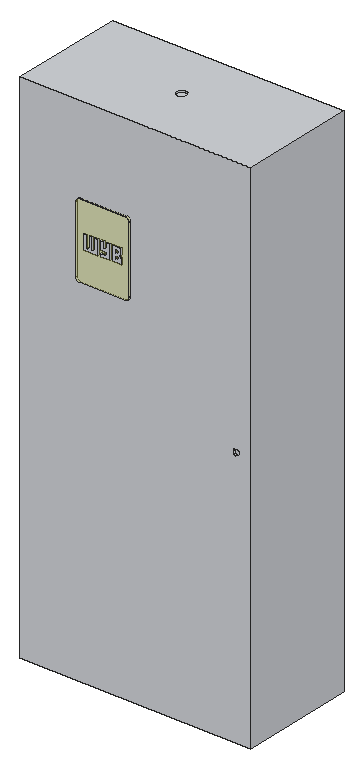
Revit family "ШУВ-DF_FC101", category Оборудование, Revit 2020
Family settings
  Размер круглого соединителя = Использовать диаметр
  Классификация = Нет
  Тип детали = Нормальный
  На основе рабочей плоскости = Нет
  Всегда вертикально = Да
  При загрузке вырезать с полостями = Нет
  Общий = Нет
  Точка расчета площади = Нет
Parameters (values of type "ШУВ_SE_АВВ_55кВт")
  расст замок верт = 900 mm
  Ширина [instance] = 800 mm
  Расст вывода3 от левой стенки = 700 mm
  Расст замок = 750 mm
  Расст вывода2 от левой стенки = 600 mm
  Расст вывода от левой стенки = 500 mm
  Расст вывода от задней стенки = 200 mm
  Расст ПУШ от верхней стенки = 300 mm
  Расст ввод от задней стенки = 200 mm
  Расст ввод от левой стенки = 400 mm
  Расст ПУШ от левой стенки = 200 mm
  Отметка по умолчанию = 0 mm
  Описание = "ШУВ-М предназначен для управления одно/трехфазным электродвигателем приточного или вытяжного вентилятора системы противопожарной вентиляции от 0,37 до 37 кВт, как в режиме «Местный пуск» с лицевой панели ШУВ-М, так и по сигналам любого модуля/прибора управления в режиме «Автоматический пуск» с контролем и отображением состояния вентилятора при помощи световой индикации и с передачей сигналов состояния на модуль управления, а также с опцией управления электрическим нагревателем мощностью 0,37 – 45 кВт."
  Назв гориз ПУШ = 120 mm
  Комментарии к типоразмеру = "Ш8/ABB"
  Изготовитель = "ООО \"Плазма-Т\""
  Группа модели = "ШУВ-М-DF_FC101"
  Глубина [instance] = 400 mm
  Высота [instance] = 1800 mm
  URL = "https://plazma-t.ru/"
Types (4, lengths in mm): name | расст замок верт | Ширина | Расст вывода3 от левой стенки | Расст замок | Расст вывода2 от левой стенки | Расст вывода от левой стенки | Расст вывода от задней стенки | Расст ПУШ от верхней стенки | Расст ввод от задней стенки | Расст ввод от левой стенки | Расст ПУШ от левой стенки | Комментарии к типоразмеру | Глубина | Высота
  ШУВ_SE_АВВ_2,2-7,5кВт | 350 | 500 | 380 | 450 | 320 | 260 | 125 | 130 | 100 | 315 | 140 | "Ш3/ABB" | 250 | 700
  ШУВ_SE_АВВ_11-45кВт | 500 | 600 | 270 | 550 | 210 | 150 | 100 | 240 | 100 | 355 | 150 | "Ш5/ABB" | 300 | 1000
  ШУВ_SE_АВВ_55кВт | 900 | 800 | 700 | 750 | 600 | 500 | 200 | 300 | 200 | 400 | 200 | "Ш8/ABB" | 400 | 1800
  ШУВ_SE_АВВ_0,37-1,5кВт | 250 | 405 | 220 | 355 | 160 | 100 | 100 | 100 | 100 | 270 | 80 | "Ш2/ABB" | 250 | 505
Reference planes
  plane 1 "По центру (Вперед/Назад)": y = 0
  plane 2: z = 0
  plane 3 "По центру (Влево/Вправо)": x = 0
  plane 4: y = -9
Forms (mm)
  Extrusion 1, solid
    sketch origin (0, 0, 0) x (1, 0, 0) y (0, 1, 0)
      loop
        line (0, 0) -> (800, 0) -> (800, 400) -> (0, 400) -> (0, 0)
    from 0 to 1800
  Extrusion 2, solid, material "Источник света по умолчанию"
    sketch origin (0, 0, 0) x (1, 0, 0) y (0, 0, 1)
      loop
        arc (213, 1500) -> (203.808, 1496.192) -> (200, 1487) r 13
        line (200, 1487) -> (200, 1253)
        arc (200, 1253) -> (203.808, 1243.808) -> (213, 1240) r 13
        line (213, 1240) -> (371.542, 1240)
        arc (371.542, 1240) -> (380.734, 1243.808) -> (384.542, 1253) r 13
        line (384.542, 1253) -> (384.542, 1487)
        arc (384.542, 1487) -> (380.734, 1496.192) -> (371.542, 1500) r 13
        line (371.542, 1500) -> (213, 1500)
    from 0 to 9
  Extrusion 3, void
    sketch origin (0, 0, 0) x (1, 0, 0) y (0, 0, 1)
      loop
        circle (750, 900) r 11.5
    from 10 to -5.347
  Extrusion 4, void
    sketch origin (0, 0, 1800) x (0, 1, 0) y (1, 0, 0)
      loop
        circle (200, 400) r 17
    from 0 to 3
  Extrusion 5, void
    sketch origin (0, 0, 0) x (1, 0, 0) y (0, 1, 0)
      loop
        circle (500, 200) r 17
    from 0 to 3
  Extrusion 6, void
    sketch origin (0, 0, 0) x (1, 0, 0) y (0, 1, 0)
      loop
        circle (600, 200) r 17
    from 0 to 3
  Extrusion 7, void
    sketch origin (0, 0, 0) x (1, 0, 0) y (0, 1, 0)
      loop
        circle (700, 200) r 17
    from 0 to 3
  Extrusion 8, solid
    sketch origin (0, -9, 0) x (1, 0, 0) y (0, 0, 1)
      loop
        line (229.909, 1400.018) -> (229.909, 1350.018) -> (279.909, 1350.018) -> (279.909, 1400.018) -> (269.909, 1400.018) -> (269.909, 1360.018) -> (259.909, 1360.018) -> (259.909, 1400.018) -> (249.909, 1400.018) -> (249.909, 1360.018) -> (239.909, 1360.018) -> (239.909, 1400.018) -> (229.909, 1400.018)
      loop
        line (289.909, 1400.018) -> (289.909, 1370.018) -> (309.909, 1370.018) -> (309.909, 1360.018) -> (289.909, 1360.018) -> (289.909, 1350.018) -> (319.909, 1350.018) -> (319.909, 1400.018) -> (309.909, 1400.018) -> (309.909, 1380.018) -> (299.909, 1380.018) -> (299.909, 1400.018) -> (289.909, 1400.018)
      loop
        line (329.909, 1400.018) -> (329.909, 1350.018) -> (360.384, 1350.018) -> (360.384, 1369.543) -> (354.909, 1375.018) -> (359.909, 1380.018) -> (359.909, 1400.018) -> (329.909, 1400.018)
      loop
        line (339.909, 1360.018) -> (349.909, 1360.018) -> (349.909, 1370.018) -> (339.909, 1370.018) -> (339.909, 1360.018)
      loop
        line (339.909, 1390.018) -> (339.909, 1380.018) -> (349.909, 1380.018) -> (349.909, 1390.018) -> (339.909, 1390.018)
    from 0 to 3
  Extrusion 9, void
    sketch origin (0, 0, 0) x (1, 0, 0) y (0, 1, 0)
      loop
        circle (50, 350) r 17
      loop
        circle (100, 350) r 17
      loop
        circle (150, 350) r 17
      loop
        circle (200, 350) r 17
    from 0 to 3
Cuts and joins
  Extrusion 3, Extrusion 4, Extrusion 5, Extrusion 6, Extrusion 7, Extrusion 9 cuts Extrusion 1
Dimensions and locks
  "Ширина": Extrusion 1 to Extrusion 1
  "Глубина": Extrusion 1 to Extrusion 1
  "Высота": Extrusion 1 to Extrusion 1
  Extrusion 1 to Extrusion 2 sketch curve = 300 mm
  "Расст ПУШ от верхней стенки": Extrusion 1 to Extrusion 2
  "расст замок верт": Extrusion 1 to Extrusion 3 sketch curve
  "Расст замок": Extrusion 1 to Extrusion 3 sketch curve
  "Расст ввод от левой стенки": Extrusion 4 sketch curve to cut or joined group of Extrusion 1, Extrusion 3, Extrusion 4, Extrusion 5, Extrusion 6, Extrusion 7, Extrusion 9
  "Расст ввод от задней стенки": cut or joined group of Extrusion 1, Extrusion 3, Extrusion 4, Extrusion 5, Extrusion 6, Extrusion 7, Extrusion 9 to Extrusion 4 sketch curve
  locked: Extrusion 2 sketch curve to Extrusion 2 sketch curve at 184.542
  locked: Extrusion 2 sketch curve to Extrusion 2 sketch curve at 260
  "Расст ПУШ от левой стенки": cut or joined group of Extrusion 1, Extrusion 3, Extrusion 4, Extrusion 5, Extrusion 6, Extrusion 7, Extrusion 9 to Extrusion 2 sketch curve
  "Расст вывода от левой стенки": cut or joined group of Extrusion 1, Extrusion 3, Extrusion 4, Extrusion 5, Extrusion 6, Extrusion 7, Extrusion 9 to Extrusion 5 sketch curve
  "Расст вывода от задней стенки": cut or joined group of Extrusion 1, Extrusion 3, Extrusion 4, Extrusion 5, Extrusion 6, Extrusion 7, Extrusion 9 to Extrusion 5 sketch curve
  "Расст вывода от задней стенки": cut or joined group of Extrusion 1, Extrusion 3, Extrusion 4, Extrusion 5, Extrusion 6, Extrusion 7, Extrusion 9 to Extrusion 6 sketch curve
  "Расст вывода2 от левой стенки": cut or joined group of Extrusion 1, Extrusion 3, Extrusion 4, Extrusion 5, Extrusion 6, Extrusion 7, Extrusion 9 to Extrusion 6 sketch curve
  "Расст вывода от задней стенки": cut or joined group of Extrusion 1, Extrusion 3, Extrusion 4, Extrusion 5, Extrusion 6, Extrusion 7, Extrusion 9 to Extrusion 7 sketch curve
  "Расст вывода3 от левой стенки": cut or joined group of Extrusion 1, Extrusion 3, Extrusion 4, Extrusion 5, Extrusion 6, Extrusion 7, Extrusion 9 to Extrusion 7 sketch curve
  cut or joined group of Extrusion 1, Extrusion 3, Extrusion 4, Extrusion 5, Extrusion 6, Extrusion 7, Extrusion 9 to cut or joined group of Extrusion 1, Extrusion 3, Extrusion 4, Extrusion 5, Extrusion 6, Extrusion 7, Extrusion 9 = 800 mm
  Extrusion 2 to Extrusion 8 sketch curve = 29.909 mm
  Extrusion 8 sketch curve to Extrusion 8 sketch curve = 90 mm
  Extrusion 8 sketch curve to Extrusion 8 sketch curve = 130 mm
  Extrusion 8 sketch curve to Extrusion 8 sketch curve = 50 mm  (x2)
  Extrusion 8 sketch curve to Extrusion 8 sketch curve = 30 mm
  Extrusion 8 sketch curve to Extrusion 8 sketch curve = 30.475 mm
  Extrusion 8 sketch curve to Extrusion 2 = 160.018 mm
  cut or joined group of Extrusion 1, Extrusion 3, Extrusion 4, Extrusion 5, Extrusion 6, Extrusion 7, Extrusion 9 to Extrusion 9 sketch curve = 50 mm  (x2)
  Extrusion 9 sketch curve to Extrusion 9 sketch curve to Extrusion 9 sketch curve to Extrusion 9 sketch curve = 50 mm, 50 mm, 50 mm
  diameter of Extrusion 4 sketch curve = 34 mm
  aligned and locked: level to plane 2
  aligned and locked: Extrusion 1 to level
  aligned and locked: Extrusion 1 to plane 3 "По центру (Влево/Вправо)"
  aligned and locked: plane 1 "По центру (Вперед/Назад)" to Extrusion 1
Automatic sketch dimensions
  plane 3 "По центру (Влево/Вправо)" to Extrusion 1 sketch curve = 0 mm
  plane 1 "По центру (Вперед/Назад)" to Extrusion 1 sketch curve = 0 mm
  plane 3 "По центру (Влево/Вправо)" to Extrusion 1 sketch curve = 800 mm
  Extrusion 1 sketch curve to plane 1 "По центру (Вперед/Назад)" = 400 mm
  Extrusion 8 sketch curve to Extrusion 8 sketch curve = 10 mm  (x17)
  Extrusion 8 sketch curve to Extrusion 8 sketch curve = 0 mm  (x9)
  Extrusion 8 sketch curve to Extrusion 8 sketch curve = 5 mm  (x4)
  Extrusion 8 sketch curve to Extrusion 8 sketch curve = 20 mm
  Extrusion 8 sketch curve to Extrusion 8 sketch curve = 5.475 mm
  Extrusion 9 sketch curve to Extrusion 9 sketch curve = 0 mm  (x3)
  Extrusion 2 sketch curve to Extrusion 2 sketch curve = 13 mm  (x4)
  radius of Extrusion 9 sketch curve = 17 mm  (x4)
  radius of Extrusion 3 sketch curve = 11.5 mm
  radius of Extrusion 5 sketch curve = 17 mm
  radius of Extrusion 6 sketch curve = 17 mm
  radius of Extrusion 7 sketch curve = 17 mm
Connectors
  electrical at (400, 200, 1797)
    settings: on cut or joined group of Extrusion 1, Extrusion 3, Extrusion 4, Extrusion 5, Extrusion 6, Extrusion 7, Extrusion 9, index 1, voltage 0 V, apparent load 0 VA, apparent load phase1 0 VA, apparent load phase2 0 VA, apparent load phase3 0 VA, power factor 1, load classification "Прочее", number of poles 1, system type 30, power factor state 1, is connector primary yes, connector utility no, sub classification motor no, connector description "380V"
  electrical at (500, 200, 3)
    settings: on cut or joined group of Extrusion 1, Extrusion 3, Extrusion 4, Extrusion 5, Extrusion 6, Extrusion 7, Extrusion 9, index 2, voltage 0 V, apparent load 0 VA, apparent load phase1 0 VA, apparent load phase2 0 VA, apparent load phase3 0 VA, power factor 1, load classification "Прочее", number of poles 1, system type 11, power factor state 1, is connector primary no, connector utility no, sub classification motor no, connector description "24V или 220V"
  electrical at (600, 200, 3)
    settings: on cut or joined group of Extrusion 1, Extrusion 3, Extrusion 4, Extrusion 5, Extrusion 6, Extrusion 7, Extrusion 9, index 3, voltage 0 V, apparent load 0 VA, apparent load phase1 0 VA, apparent load phase2 0 VA, apparent load phase3 0 VA, power factor 1, load classification "Прочее", number of poles 1, system type 11, power factor state 1, is connector primary no, connector utility no, sub classification motor no, connector description "шлейф"
  electrical at (700, 200, 3)
    settings: on cut or joined group of Extrusion 1, Extrusion 3, Extrusion 4, Extrusion 5, Extrusion 6, Extrusion 7, Extrusion 9, index 4, voltage 0 V, apparent load 0 VA, apparent load phase1 0 VA, apparent load phase2 0 VA, apparent load phase3 0 VA, power factor 1, load classification "Прочее", number of poles 1, system type 11, power factor state 1, is connector primary no, connector utility no, sub classification motor no, connector description "шлейф"
  electrical at (50, 350, 3)
    settings: on cut or joined group of Extrusion 1, Extrusion 3, Extrusion 4, Extrusion 5, Extrusion 6, Extrusion 7, Extrusion 9, index 5, voltage 0 V, apparent load 0 VA, apparent load phase1 0 VA, apparent load phase2 0 VA, apparent load phase3 0 VA, power factor 1, load classification "Прочее", number of poles 1, system type 13, power factor state 1, is connector primary no, connector utility no, sub classification motor no, connector description "реле"
  electrical at (100, 350, 3)
    settings: on cut or joined group of Extrusion 1, Extrusion 3, Extrusion 4, Extrusion 5, Extrusion 6, Extrusion 7, Extrusion 9, index 6, voltage 0 V, apparent load 0 VA, apparent load phase1 0 VA, apparent load phase2 0 VA, apparent load phase3 0 VA, power factor 1, load classification "Прочее", number of poles 1, system type 13, power factor state 1, is connector primary no, connector utility no, sub classification motor no, connector description "реле"
  electrical at (150, 350, 3)
    settings: on cut or joined group of Extrusion 1, Extrusion 3, Extrusion 4, Extrusion 5, Extrusion 6, Extrusion 7, Extrusion 9, index 7, voltage 0 V, apparent load 0 VA, apparent load phase1 0 VA, apparent load phase2 0 VA, apparent load phase3 0 VA, power factor 1, load classification "Прочее", number of poles 1, system type 13, power factor state 1, is connector primary no, connector utility no, sub classification motor no, connector description "реле"
  electrical at (200, 350, 3)
    settings: on cut or joined group of Extrusion 1, Extrusion 3, Extrusion 4, Extrusion 5, Extrusion 6, Extrusion 7, Extrusion 9, index 8, voltage 0 V, apparent load 0 VA, apparent load phase1 0 VA, apparent load phase2 0 VA, apparent load phase3 0 VA, power factor 1, load classification "Прочее", number of poles 1, system type 13, power factor state 1, is connector primary no, connector utility no, sub classification motor no, connector description "нагрузка 24V"
